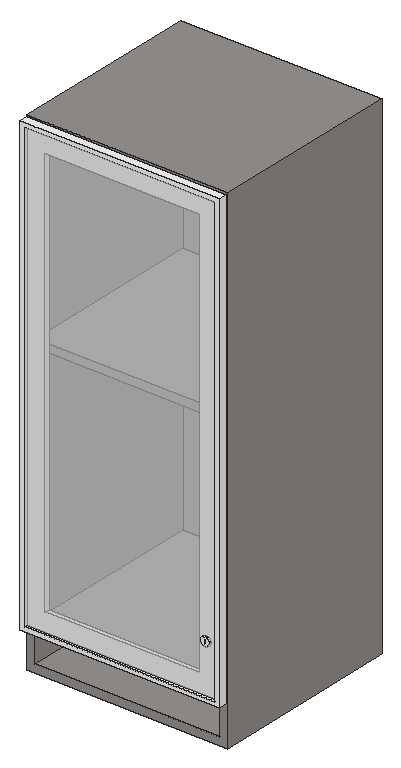
Revit family "Storage-Mounted-Teknion-BRHG-Tower_Full_Glass_Doors_High_Secondary_Desk-R2015", category Furniture, Revit 2015
Parameters (values of type "18"d x 18"w x 72"h")
  Warranty = "http://www.teknion.com/ca/papers/legal-canada"
  Unit Weight URL = "http://www.teknion.com/ca/tools/assets#&asset=bee6a381-b954-425e-8283-5a2de3a804f2,f828d448-4b62-4231-9e5f-9a8991c0ed77"
  URL = "www.teknion.com"
  Top Shelf Vertical Offset = if(Height = 66.000", 14.906", 16.986")  # 16.986"
  Sustainability Data = "http://www.teknion.com/ca/tools/assets#&topic=216f99a5-57a0-44fc-b10a-9dee9b29ae4c&asset=444deb64-fe58-4b68-981e-f75e97781df7"
  Series = "Expansion Casegoods"  # constant formula
  Product Page URL = "http://www.teknion.com/ca/products/product-details?productlineid=0053336e-8e7a-673b-a6c8-ff00004460c4"
  Product Line = "Expansion Casegoods"  # constant formula
  Product Documentation Link = "http://www.teknion.com/pricing/expansion-casegoods/pdfs/BRHG_ppg.pdf"
  Part Number = "BRHG"  # constant formula
  Model = "BRHGS181872"
  Manufacturer Phone = "416-661-3370"  # constant formula
  Manufacturer Fax = "416.661.4586"  # constant formula
  Manufacturer Contact Information = "http://www.teknion.com/ca/contactus"
  Manufacturer Address = "1150 Flint Road, Toronto, ON. M3J 2J5. Canada"  # constant formula
  Manufacturer = "Teknion"  # constant formula
  Height = 72.000"
  Frame Finish [instance] = Mica - Teknion - V - Satin - Very White
  Door Finish [instance] = Glass - Teknion - FT - Frosted Glass
  Description = "Tower with Full Glass Door – High Secondary Desk Mounted, 18\"d, 18\"w, 72\"h"
  Case Finish [instance] = Source Laminate - Teknion - DE - Latte
  Assembly Code = "E2020200"
  Actual Height = if(Height = 66.000", 65.165", 71.406")  # 71.406"
Types (3): name | Top Shelf Vertical Offset | Model | Height | Description | Actual Height
  (no name) | 16.986" | "BRHGS181872" | 72.000" | "Tower with Full Glass Door – High Secondary Desk Mounted, 18\"d, 18\"w, 72\"h" | 71.406"
  18"d x 18"w x 66"h | 14.906" | "BRHGS181866" | 66.000" | "Tower with Full Glass Door – High Secondary Desk Mounted, 18\"d, 18\"w, 66\"h" | 65.165"
  18"d x 18"w x 72"h | 16.986" | "BRHGS181872" | 72.000" | "Tower with Full Glass Door – High Secondary Desk Mounted, 18\"d, 18\"w, 72\"h" | 71.406"
Reference planes (in)
  plane 1 "Center Front/Back": y = 0
  plane 2: z = 0
  plane 3 "Center Left/Right": x = 0
  plane 4 "Left": x = -8.955
  plane 5 "Right": x = 8.955
  plane 6 "Back": y = 8.58071
  plane 7 "Front": y = -8.58071
  plane 8 "Top": z = 71.406
  plane 9: y = -9.41929
  plane 10: y = -9.30118
  plane 11: y = -8.7185
  plane 12: x = -8.25421
  plane 13: y = 7.87992
  plane 14: x = 8.25421
  plane 15: z = 26.97244
  plane 16: z = 53.71921
  plane 17: z = 53.01843
  plane 18: z = 70.70521
  plane 19: z = 31.21654
  plane 20: z = 30.51575
  plane 21: z = 27.67323
  plane 22: y = -9.18307
  plane 23: z = 70.91339
Forms (in)
  Extrusion 1, solid, material "Source Laminate - Teknion - DE - Latte" <- "Case Finish"
    sketch origin (0, 0, 0) x (1, 0, 0) y (0, 1, 0)
      loop
        line (-8.955, 8.58071) -> (-8.955, -8.58071) -> (8.955, -8.58071) -> (8.955, 8.58071) -> (-8.955, 8.58071)
    from 26.97244 to 71.406
  Extrusion 2, void
    sketch origin (8.89594, -9.41929, 48) x (-1, 0, 0) y (0, 0, 1)
      loop
        line (17.15016, -17.48425) -> (0.64173, -17.48425) -> (0.64173, -20.32677) -> (17.15016, -20.32677) -> (17.15016, -17.48425)
    from 0.83858 to 17.29921
  Extrusion 3, void
    sketch origin (-64.19161, -8.58071, 48) x (1, 0, 0) y (0, 0, -1)
      loop
        line (55.93739, 16.78346) -> (55.93739, -5.01843) -> (72.44582, -5.01843) -> (72.44582, 16.78346) -> (55.93739, 16.78346)
    from 0 to 16.46063
  Extrusion 4, void
    sketch origin (-64.19161, -8.58071, 48) x (1, 0, 0) y (0, 0, -1)
      loop
        line (72.44582, -5.71921) -> (55.93739, -5.71921) -> (55.93739, -22.70521) -> (72.44582, -22.70521) -> (72.44582, -5.71921)
    from 0 to 16.46063
  Extrusion 5, solid, material "Mica - Teknion - V - Satin - Very White" <- "Frame Finish"
    sketch origin (-64.19161, -8.58071, 48) x (-1, 0, 0) y (0, 0, -1)
      loop
        line (-55.29566, -23.2874) -> (-55.29566, 17.4252) -> (-73.08755, 17.4252) -> (-73.08755, -23.2874) -> (-55.29566, -23.2874)
      loop
        line (-55.66968, -22.91339) -> (-55.66968, 17.05118) -> (-72.71353, 17.05118) -> (-72.71353, -22.91339) -> (-55.66968, -22.91339)
    from 0.1378 to 0.83858
  Extrusion 6, solid, material "Glass - Teknion - FT - Frosted Glass" <- "Door Finish"
    sketch origin (-8.52193, -9.18307, 48) x (-1, 0, 0) y (0, 0, 1)
      loop
        line (-17.04386, -17.05118) -> (0, -17.05118) -> (0, 22.91339) -> (-17.04386, 22.91339) -> (-17.04386, -17.05118)
    from 0 to -0.11811
  Extrusion 7, solid, material "Mica - Teknion - V - Satin - Very White"
    sketch origin (8.52193, -9.30118, 48) x (1, 0, 0) y (0, 0, 1)
      loop
        line (-0.8563, -12.39567) -> (-0.95472, -12.39567) -> (-0.95472, -12.76969) -> (-0.8563, -12.76969) -> (-0.8563, -12.39567)
      loop
        circle (-0.90551, -12.58268) r 0.395
    from 0 to 0.11811
  Extrusion 8, solid, material "Mica - Teknion - V - Satin - Very White" <- "Frame Finish"
    sketch origin (-8.52193, -9.18307, 48) x (-1, 0, 0) y (0, 0, 1)
      loop
        line (0, 22.91339) -> (-17.04386, 22.91339) -> (-17.04386, -17.05118) -> (0, -17.05118) -> (0, 22.91339)
      loop
        line (-1.59449, -15.45669) -> (-1.59449, 21.3189) -> (-15.44937, 21.3189) -> (-15.44937, -15.45669) -> (-1.59449, -15.45669)
    from 0 to 0.46457
Cuts and joins
  Extrusion 2, Extrusion 3, Extrusion 4 cuts Extrusion 1
Lines and regions (in)
  Masking region 1
    outline origin (0, 0, 0) x (1, 0, 0) y (0, 1, 0)
      loop
        line (-8.955, 8.58071) -> (-8.955, -9.41929) -> (8.955, -9.41929) -> (8.955, 8.58071) -> (-8.955, 8.58071)
  symbolic lines
    curve 1: line (-8.955, -8.58071, 0) -> (8.955, -8.58071, 0)
    curve 2: line (8.89594, -8.7185, 0) -> (-8.89594, -8.7185, 0)
    curve 3: line (-8.89594, -8.7185, 0) -> (-8.89594, -9.41929, 0)
    curve 4: line (8.89594, -9.41929, 0) -> (8.89594, -8.7185, 0)
  symbolic lines, style "FurnitureHiddenLines", detail levels medium+fine
    curve 5: line (-8.25421, 7.87992, 0) -> (-8.25421, -8.58071, 0)
    curve 6: line (8.25421, 7.87992, 0) -> (-8.25421, 7.87992, 0)
    curve 7: line (8.25421, -8.58071, 0) -> (8.25421, 7.87992, 0)
  symbolic lines, style "FurnitureHiddenLines", detail levels fine
    curve 8: line (-8.52193, -9.41929, 0) -> (-8.52193, -8.7185, 0)
    curve 9: line (8.52193, -8.7185, 0) -> (8.52193, -9.41929, 0)
    curve 10: line (-8.52193, -9.18307, 0) -> (8.52193, -9.18307, 0)
    curve 11: line (-8.52193, -9.30118, 0) -> (8.52193, -9.30118, 0)
    curve 12: line (8.01132, -9.30118, 0) -> (8.01132, -9.41929, 0)
    curve 13: line (7.22155, -9.30118, 0) -> (7.22155, -9.41929, 0)
  symbolic lines, style "FurnitureHiddenLines"
    curve 14: line (8.25421, -9.18307, 70.70521) -> (-8.52193, -9.18307, 50.61048)
    curve 15: line (8.955, -9.18307, 30.50724) -> (-8.52193, -9.18307, 50.61048)
Dimensions and locks (in)
  plane 4 "Left" to plane 5 "Right" = 17.910"
  plane 6 "Back" to plane 7 "Front" = 17.16142"
  "Actual Height": plane 8 "Top" to level
  plane 9 to plane 10 to plane 22 to plane 11 to plane 7 "Front" = 0.11811" locked, 0.11811" locked, 0.46457" locked, 0.1378" locked
  equal spacing: plane 4 "Left", plane 3 "Center Left/Right", plane 5 "Right"
  equal spacing: plane 6 "Back", plane 1 "Center Front/Back", plane 7 "Front"
  locked: plane 4 "Left" to plane 12 at 0.70079
  locked: plane 6 "Back" to plane 13 at 0.70079
  locked: plane 14 to plane 5 "Right" at 0.70079
  locked: plane 15 to plane 2 at 26.97244
  locked: Extrusion 2 sketch curve to plane 4 "Left" at 0.70079
  locked: Extrusion 2 sketch curve to plane 5 "Right" at 0.70079
  locked: plane 16 to plane 17 at 0.70079
  plane 19 to plane 20 to plane 21 to plane 15 = 0.70079" locked, 2.84252" locked, 0.70079" locked
  "Top Shelf Vertical Offset": plane 18 to plane 16
  locked: plane 8 "Top" to plane 18 at 0.70079
  Extrusion 5 sketch curve to Extrusion 5 sketch curve to plane 5 "Right" = 0.37402" locked, 0.05906" locked
  Extrusion 5 sketch curve to Extrusion 5 sketch curve to plane 20 = 0.37402" locked, 0.05906" locked
  Extrusion 5 sketch curve to Extrusion 5 sketch curve to plane 4 "Left" = 0.37402" locked, 0.05906" locked
  locked: plane 4 "Left" to Extrusion 6 sketch curve at 0.43307
  locked: Extrusion 6 sketch curve to plane 20 at 0.43307
  locked: Extrusion 6 sketch curve to plane 5 "Right" at 0.43307
  locked: Extrusion 7 sketch curve to plane 14 at 0.6378
  locked: Extrusion 7 sketch curve to plane 19 at 4.20079
  Extrusion 7 sketch curve to Extrusion 7 sketch curve to plane 19 = 0.37402" locked, 4.01378" locked
  Extrusion 7 sketch curve to Extrusion 7 sketch curve to plane 14 = 0.09843" locked, 0.58858" locked
  locked: plane 5 "Right" to Extrusion 8 sketch curve at 0.43307
  locked: Extrusion 8 sketch curve to plane 4 "Left" at 0.43307
  locked: Extrusion 8 sketch curve to plane 20 at 0.43307
  locked: Extrusion 8 sketch curve to plane 20 at 2.02756
  locked: Extrusion 8 sketch curve to plane 4 "Left" at 2.02756
  locked: Extrusion 8 sketch curve to plane 5 "Right" at 2.02756
  locked: plane 8 "Top" to Extrusion 8 sketch curve at 2.0871
  curve 13 to curve 12 to plane 5 "Right" = 0.78976" locked, 0.94368" locked
  locked: plane 8 "Top" to Extrusion 5 sketch curve at 0.1186
  locked: plane 8 "Top" to Extrusion 5 sketch curve at 0.49261
  locked: plane 8 "Top" to plane 23 at 0.49261
  equal spacing: plane 18, curve 15, plane 20
  aligned and locked: level to plane 2
  aligned and locked: Extrusion 1 sketch curve to plane 4 "Left"
  aligned and locked: Extrusion 1 sketch curve to plane 6 "Back"
  aligned and locked: Extrusion 1 sketch curve to plane 5 "Right"
  aligned and locked: Extrusion 1 sketch curve to plane 7 "Front"
  aligned and locked: plane 8 "Top" to Extrusion 1
  aligned and locked: Extrusion 1 to plane 15
  aligned and locked: plane 7 "Front" to Extrusion 2
  aligned and locked: plane 13 to cut or joined group of Extrusion 1, Extrusion 2, Extrusion 3, Extrusion 4
  aligned and locked: Extrusion 3 sketch curve to plane 14
  aligned and locked: plane 12 to Extrusion 3 sketch curve
  aligned and locked: plane 13 to Extrusion 3
  aligned and locked: plane 7 "Front" to Extrusion 3
  aligned and locked: plane 12 to Extrusion 4 sketch curve
  aligned and locked: Extrusion 4 sketch curve to plane 14
  aligned and locked: plane 13 to Extrusion 4
  aligned and locked: plane 7 "Front" to Extrusion 4
  aligned and locked: plane 18 to Extrusion 4 sketch curve
  aligned and locked: Extrusion 4 sketch curve to plane 16
  aligned and locked: plane 17 to Extrusion 3 sketch curve
  aligned and locked: plane 19 to Extrusion 3 sketch curve
  aligned and locked: Extrusion 2 sketch curve to plane 20
  aligned and locked: Extrusion 2 sketch curve to plane 21
  aligned and locked: Extrusion 5 to plane 11
  aligned and locked: plane 9 to Extrusion 5
  aligned and locked: Extrusion 6 to plane 22
  aligned and locked: plane 10 to Extrusion 6
  aligned and locked: Extrusion 7 to plane 10
  aligned and locked: plane 9 to Extrusion 7
  aligned and locked: Extrusion 8 to plane 22
  aligned and locked: Extrusion 8 to plane 11
  aligned and locked: Masking region 1 sketch curve to plane 4 "Left"
  aligned and locked: Masking region 1 sketch curve to plane 6 "Back"
  aligned and locked: Masking region 1 sketch curve to plane 5 "Right"
  aligned and locked: Masking region 1 sketch curve to plane 9
  aligned and locked: plane 23 to Extrusion 6 sketch curve
  aligned and locked: plane 23 to Extrusion 8 sketch curve
  aligned and locked: nested 1 to plane 9
  aligned and locked: nested 1 to plane 4 "Left"
  aligned and locked: nested 1 to plane 5 "Right"
  aligned and locked: curve 14 to cut or joined group of Extrusion 1, Extrusion 2, Extrusion 3, Extrusion 4
  aligned and locked: plane 5 "Right" to curve 15
  aligned and locked: curve 15 to Extrusion 6
Automatic sketch dimensions
  curve 1 to plane 4 "Left" = 0.000"
  plane 9 to curve 13 = 0.000"
  plane 9 to curve 12 = 0.000"
  curve 1 to plane 5 "Right" = 0.000"
  plane 9 to curve 9 = 0.000"
  plane 9 to curve 8 = 0.000"
  plane 9 to curve 4 = 0.000"
  plane 9 to curve 3 = 0.000"
  plane 11 to curve 3 = 0.000"
  plane 7 "Front" to curve 7 = 0.000"
  plane 4 "Left" to curve 3 = 0.05906"
  plane 5 "Right" to curve 4 = 0.05906"
  curve 11 to plane 12 = 0.26772"
  curve 9 to plane 14 = 0.26772"
  plane 10 to curve 12 = 0.000"
  curve 10 to plane 22 = 0.000"
  curve 5 to plane 12 = 0.000"
  curve 6 to plane 13 = 0.000"
  curve 6 to plane 14 = 0.000"
  curve 14 to plane 18 = 0.000"
  plane 20 to curve 15 = 0.00851"
  radius of Extrusion 7 sketch curve = 0.395"
Nested families (in)
  nested 1: "Door-Swing_Symbol-Teknion-2D" at (0, -9.41929, 66.075) x (-1, 0, 0) z (0, 0, 1), type "Door-Swing_Symbol-Teknion-2D", detail levels fine
    with Swing Width 17.910"
Definition of nested family "Door-Swing_Symbol-Teknion-2D"
  Parameters (values of type "Door-Swing_Symbol-Teknion-2D")
    Swing Width [instance] = 13.4325"
  Reference planes (in)
    plane 1 "Center (Front/Back)": y = 0
    plane 2: z = 0
    plane 3 "Center (Left/Right)": x = 0
    plane 4: x = -6.71625
    plane 5: x = 6.71625
  Lines and regions (in)
    detail lines, in view "Ref. Level"
      curve 1: line (6.71625, 0, 0) -> (6.71625, -13.4325, 0)
      curve 2: arc (-6.71625, 0, 0) -> (-2.78196, -9.49821, 0) -> (6.71625, -13.4325, 0) r 13.4325
  Dimensions and locks (in)
    equal spacing: plane 4, plane 3 "Center (Left/Right)", plane 5
    "Swing Width": plane 4 to plane 5
    "Swing Width": curve 1 to plane 1 "Center (Front/Back)"
    "Swing Width": radius of curve 2
    aligned and locked: plane 1 "Center (Front/Back)" to curve 1
  Automatic sketch dimensions
    curve 2 to plane 4 = 0.000"
